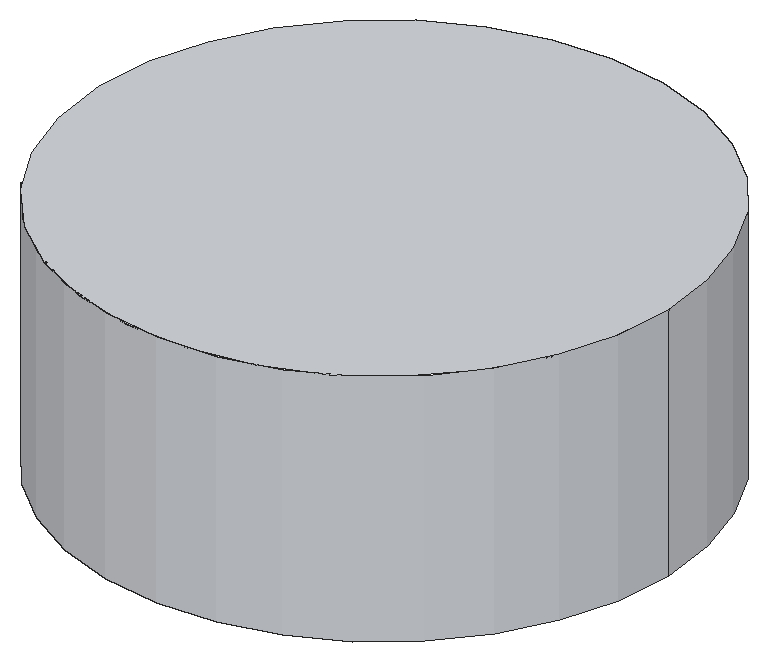
Revit family "347cb38529f44515bd896c521b37cedd", category Communication Devices, host Face, Revit 2021
Family settings
  Host = Face
  Maintain Annotation Orientation = Yes
  Round Connector Dimension = Use Diameter
  Part Type = Normal
  OmniClass Number = 23.85.10.11.11.21
  OmniClass Title = Speakers
  Seek Item ID = Speaker - Round-0000-USA-ENU
  Cut with Voids When Loaded = No
  Shared = No
  Room Calculation Point = No
Parameters (values of type "Standard")
  Speaker Material = none
  Radius = Diameter * 0.5  # 0' - 5 3/8"
  Diameter = 0' - 10 3/4"
  Depth 1 = 0' - 1"
  Depth = 0' - 4 1/2"
  Default Elevation = 4' - 0"
Reference planes (in)
  plane 1 "Center (Front/Back)": y = 0
  plane 2: z = 0
  plane 3 "Center (Left/Right)": x = 0
  plane 4: z = 1
  plane 5: z = -3.5
Forms (in)
  Extrusion 1, solid, material <- "Speaker Material"
    sketch origin (0, 0, 0) x (1, 0, 0) y (0, 1, 0)
      loop
        circle (0, 0) r 5.375
    from -3.5 to 1
Lines and regions (in)
  symbolic lines, detail levels fine
    curve 1: line (-4, 0, 0) -> (4, 0, 0)
    curve 2: arc (5.375, 0, 0) -> (0, 5.375, 0) -> (-5.375, 0, 0) r 5.375
    curve 3: arc (-5.375, 0, 0) -> (0, -5.375, 0) -> (5.375, 0, 0) r 5.375
Dimensions and locks (in)
  "Depth 1": plane 4 to plane 2
  "Depth": plane 4 to plane 5
  "Radius": radius of Extrusion 1 sketch curve
  aligned and locked: plane 2 to host face
  aligned and locked: level to host face
  aligned and locked: plane 1 "Center (Front/Back)" to Extrusion 1 sketch curve
  aligned and locked: plane 3 "Center (Left/Right)" to Extrusion 1 sketch curve
  aligned and locked: plane 4 to Extrusion 1
  aligned and locked: Extrusion 1 to plane 5
  aligned and locked: curve 2 to Extrusion 1
  aligned and locked: curve 3 to Extrusion 1
  aligned and locked: plane 1 "Center (Front/Back)" to nested 1
  aligned and locked: nested 1 to plane 3 "Center (Left/Right)"
Automatic sketch dimensions
  host sketch curve to host sketch curve = 8' - 0"  (x2)
  curve 1 to level = 0' - 0"
  curve 1 to plane 3 "Center (Left/Right)" = 0' - 4"
  plane 3 "Center (Left/Right)" to curve 1 = 0' - 4"
Nested families (in)
  nested 1: "Speaker - Round Annotation" at (0, 0, 0), type "Speaker - Round Annotation", detail levels coarse+medium
Connectors (in)
  electrical at (0, 0, -3.5)
    settings: on Extrusion 1, index 1, voltage 0 V, apparent load 0 VA, apparent load phase1 0 VA, apparent load phase2 0 VA, apparent load phase3 0 VA, power factor 1, load classification "Other", number of poles 1, system type 14, power factor state 1, is connector primary yes, connector utility no, sub classification motor no, connector description ""
Definition of nested family "Speaker - Round Annotation"
  Parameters
    Label Annotation = "S"
  Reference planes (in)
    plane 1: y = 0
    plane 2: x = 0
  Lines and regions (in)
    reference lines
      curve 1: line (-0.2699, 0, 0) -> (0.35142, 0, 0)
    detail lines
      curve 2: circle (0, 0, 0) r 0.09375 normal (0, 0, 1)
  Text (in)
    label "S" at (-0.03808, -0.00323, 0), shows "Label Annotation"
  Dimensions and locks (in)
    locked: plane 1 to curve 1
    radius of curve 2 = 0' - 0 3/32"
    aligned and locked: plane 2 to curve 2
    aligned and locked: curve 1 to curve 2
